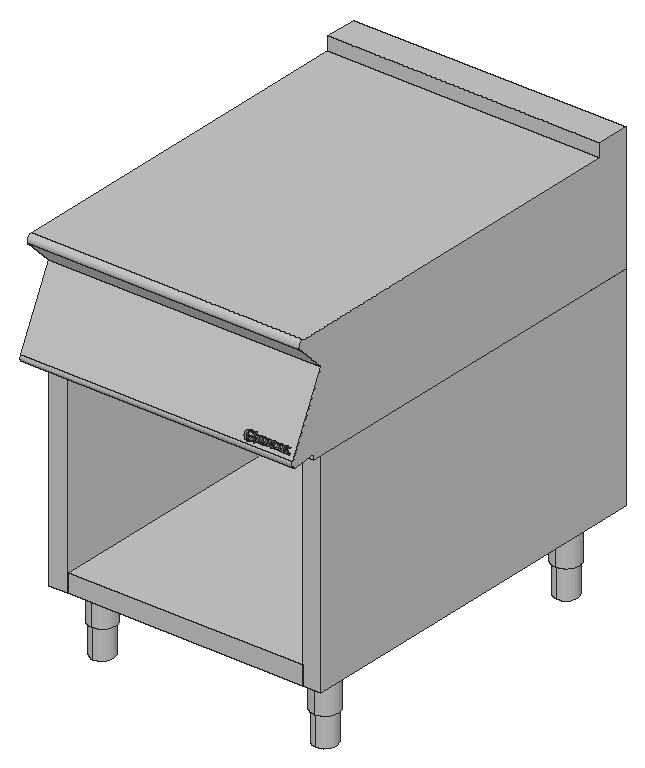
Revit family "QF_GIORIK_EN930G", category Specialty Equipment, Revit 2014
Parameters (values of type "EN930G")
  Weight in Pounds = 132.2772
  URL Cutsheet = "www.giorik.com"
  URL = "www.giorik.com"
  Status [instance] = ""
  Specification by User [instance] = ""
  Specification by Manufacturer = ""
  Show Logo [instance] = yes
  Show Clearance [instance] = yes
  Serial Number = ""
  Seismic Rating = ""
  SMACNA No = ""
  Revision Code [instance] = ""
  NAFEM Spec ID Number = ""
  Model = "EN930G"
  Masterspec = ""
  Manufacturer = "GIORIK"
  Item Number [instance] = ""
  Installed By [instance] = ""
  Identify Quantity as Lot [instance] = no
  Furnished By [instance] = ""
  Foodservice Equipment Identifier [instance] = yes
  Description = "NEUTRAL UNIT ON OPEN BASE UNIT"
  CSI MasterFormat = ""
  Assembly Code = "E1090320"
Reference planes
  plane 1 "Back": y = 0
  plane 2: z = 0
  plane 3 "Left": x = 0
  plane 4 "Right": x = 600
  plane 5 "Front": y = -920
  plane 6 "Top": z = 900
Forms (mm)
  Extrusion 1, solid, visible <- "Show Logo"
    sketch origin (396.604, -936.761, 609.486) x (-1, 0, 0) y (0, 0.452718, 0.891654)
      loop
        line (-118.824, 58.358) -> (-127.804, 58.358) -> (-125.523, 56.445) -> (-125.523, 48.027) -> (-127.804, 46.113) -> (-118.824, 46.113) -> (-121.105, 48.027) -> (-121.105, 56.445) -> (-118.824, 58.358)
      loop
        line (-163.721, 58.358) -> (-172.7, 58.358) -> (-170.42, 56.445) -> (-170.42, 48.027) -> (-172.7, 46.113) -> (-163.721, 46.113) -> (-166.001, 48.027) -> (-166.001, 56.445) -> (-163.721, 58.358)
      loop
        line (-174.332, 58.358) -> (-183.312, 58.358) -> (-181.031, 56.445) -> (-181.031, 52.435) -> (-186.419, 56.955) -> (-184.416, 58.358) -> (-191.268, 58.358) -> (-188.01, 56.839) -> (-185.455, 54.283) -> (-190.846, 47.858) -> (-193.396, 46.93) -> (-193.396, 46.113) -> (-184.416, 46.113) -> (-185.437, 47.571) -> (-182.443, 51.552) -> (-181.031, 50.894) -> (-181.031, 48.027) -> (-183.312, 46.113) -> (-174.332, 46.113) -> (-176.613, 48.027) -> (-176.613, 56.445) -> (-174.332, 58.358)
      loop
        line (-115.429, 62.063) -> (-115.429, 54.198)
        arc (-115.429, 54.198) -> (-111.618, 57.803) -> (-106.847, 59.986) r 16.039
        arc (-106.847, 59.986) -> (-103.314, 59.837) -> (-100.512, 57.68) r 5.851
        arc (-100.512, 57.68) -> (-98.815, 52.267) -> (-100.512, 46.853) r 9.479
        arc (-100.512, 46.853) -> (-102.406, 44.986) -> (-104.846, 43.93) r 7.236
        arc (-104.846, 43.93) -> (-107.728, 44.111) -> (-110.052, 45.825) r 5.11
        line (-110.052, 45.825) -> (-110.052, 52.001) -> (-116.141, 52.001) -> (-116.141, 45.503) -> (-117.893, 43.751) -> (-114.094, 44.769)
        arc (-114.094, 44.769) -> (-112.56, 44.947) -> (-111.129, 44.366) r 3.115
        arc (-111.129, 44.366) -> (-104.216, 42.091) -> (-97.303, 44.366) r 11.641
        arc (-97.303, 44.366) -> (-93.396, 52.107) -> (-97.303, 59.849) r 9.622
        arc (-97.303, 59.849) -> (-104.369, 62.174) -> (-111.435, 59.849) r 11.898
        line (-111.435, 59.849) -> (-115.429, 62.063)
      loop
        arc (-129.234, 56.068) -> (-135.893, 58.628) -> (-142.552, 56.068) r 9.941
        arc (-142.552, 56.068) -> (-144.234, 52.286) -> (-142.552, 48.505) r 5.093
        arc (-142.552, 48.505) -> (-135.893, 45.945) -> (-129.234, 48.505) r 9.941
        arc (-129.234, 48.505) -> (-127.552, 52.286) -> (-129.234, 56.068) r 5.093
      loop
        arc (-132.628, 54.403) -> (-135.893, 57.668) -> (-139.158, 54.403) r 3.265
        line (-139.158, 54.403) -> (-139.158, 50.169)
        arc (-139.158, 50.169) -> (-135.893, 46.904) -> (-132.628, 50.169) r 3.265
        line (-132.628, 50.169) -> (-132.628, 54.403)
      loop
        arc (-156.363, 58.365) -> (-159.647, 55.081) -> (-156.363, 51.796) r 3.285
        line (-156.363, 51.796) -> (-159.529, 47.306) -> (-162.087, 46.113) -> (-155.847, 46.113) -> (-153.529, 51.083) -> (-150.637, 51.083) -> (-150.637, 47.784) -> (-153.022, 46.113) -> (-144.011, 46.113) -> (-146.094, 47.68) -> (-146.094, 56.493) -> (-144.229, 58.365) -> (-156.363, 58.365)
      loop
        line (-150.637, 57.512) -> (-153.637, 57.512)
        arc (-153.637, 57.512) -> (-156.237, 54.912) -> (-153.637, 52.312) r 2.6
        line (-153.637, 52.312) -> (-150.637, 52.312) -> (-150.637, 57.512)
      loop
        line (-108.924, 52.001) -> (-104.936, 49.005) -> (-100.948, 52.001) -> (-108.924, 52.001)
    from 1.5 to -0.5
  Extrusion 2, solid
    sketch origin (-16, 1025.81, 0) x (1, 0, 0) y (0, 1, 0)
      loop
        line (25, -1086.81) -> (25, -1156.81) -> (115, -1156.81) -> (115, -1086.81) -> (25, -1086.81)
    from 148 to 150
  Extrusion 3, solid
    sketch origin (0, -200, 0) x (1, 0, 0) y (0, 1, 0)
      loop
        line (40, 160) -> (40, -640) -> (560, -640) -> (560, 160) -> (40, 160)
    from 150 to 190
  Extrusion 4, solid
    sketch origin (616, 1025.81, 0) x (-1, 0, 0) y (0, -1, 0)
      loop
        line (25, 1086.81) -> (115, 1086.81) -> (115, 1156.81) -> (25, 1156.81) -> (25, 1086.81)
    from 148 to 150
  Extrusion 5, solid
    sketch origin (0, 800, -20) x (0, 1, 0) y (0, 0, 1)
      loop
        line (-800, 919.988) -> (-870, 919.988) -> (-870, 889.988) -> (-1688.806, 889.988)
        arc (-1688.806, 889.988) -> (-1699.151, 883.075) -> (-1696.724, 870.873) r 11.197
        line (-1696.724, 870.873) -> (-1640.876, 815.025) -> (-1718.948, 661.258)
        arc (-1718.948, 661.258) -> (-1718.233, 650.105) -> (-1708.118, 645.354) r 10.981
        line (-1708.118, 645.354) -> (-1660, 649.925) -> (-1660, 640) -> (-800, 640) -> (-800, 919.988)
    from 0 to 600
  Extrusion 6, solid
    sketch origin (0, -200, 599.536) x (1, 0, 0) y (0, 1, 0)
      loop
        line (0, -640) -> (40, -640) -> (40, 160) -> (560, 160) -> (560, -640) -> (600, -640) -> (600, 200) -> (0, 200) -> (0, -640)
    from -449.536 to 20.464
  Extrusion 7, solid
    sketch origin (-16, 360.81, 0) x (1, 0, 0) y (0, 1, 0)
      loop
        line (25, -1086.81) -> (25, -1156.81) -> (115, -1156.81) -> (115, -1086.81) -> (25, -1086.81)
    from 148 to 150
  Revolve 8, solid
    sketch origin (54, 360.81, 0) x (0, 1, 0) y (0, 0, 1)
      loop
        line (-1092.56, 66) -> (-1092.56, 148) -> (-1121.81, 148) -> (-1121.81, 0) -> (-1096.81, 0) -> (-1096.81, 66) -> (-1092.56, 66)
      axis (-1121.81, 0) -> (-1121.81, 148)
    angle from 0 to 360
  Extrusion 9, solid
    sketch origin (616, 360.81, 0) x (-1, 0, 0) y (0, -1, 0)
      loop
        line (25, 1086.81) -> (115, 1086.81) -> (115, 1156.81) -> (25, 1156.81) -> (25, 1086.81)
    from 148 to 150
  Revolve 10, solid
    sketch origin (546, 360.81, 0) x (0, 1, 0) y (0, 0, 1)
      loop
        line (-1092.56, 66) -> (-1092.56, 148) -> (-1121.81, 148) -> (-1121.81, 0) -> (-1096.81, 0) -> (-1096.81, 66) -> (-1092.56, 66)
      axis (-1121.81, 0) -> (-1121.81, 148)
    angle from 0 to 360
  Revolve 11, solid
    sketch origin (546, 1025.81, 0) x (0, 1, 0) y (0, 0, 1)
      loop
        line (-1092.56, 66) -> (-1092.56, 148) -> (-1121.81, 148) -> (-1121.81, 0) -> (-1096.81, 0) -> (-1096.81, 66) -> (-1092.56, 66)
      axis (-1121.81, 0) -> (-1121.81, 148)
    angle from 0 to 360
  Revolve 12, solid
    sketch origin (54, 1025.81, 0) x (0, 1, 0) y (0, 0, 1)
      loop
        line (-1092.56, 66) -> (-1092.56, 148) -> (-1121.81, 148) -> (-1121.81, 0) -> (-1096.81, 0) -> (-1096.81, 66) -> (-1092.56, 66)
      axis (-1121.81, 0) -> (-1121.81, 148)
    angle from 0 to 360
Lines and regions (mm)
  symbolic lines, style "200-EquipBorder-2D"
    curve 1: line (0, -920, 0) -> (600, -920, 0)
    curve 2: line (600, -920, 0) -> (600, 0, 0)
    curve 3: line (600, 0, 0) -> (0, 0, 0)
    curve 4: line (0, 0, 0) -> (0, -920, 0)
  symbolic lines, style "200-EquipInternal-2D"
    curve 5: line (0, -70, 900) -> (600, -70, 900)
Dimensions and locks
  plane 3 "Left" to plane 4 "Right" = 600 mm
  plane 5 "Front" to plane 1 "Back" = 920 mm
  plane 4 "Right" to plane 3 "Left" = 600 mm
  plane 1 "Back" to plane 5 "Front" = 920 mm
  plane 6 "Top" to level = 900 mm  (x2)
  aligned and locked: level to plane 2
